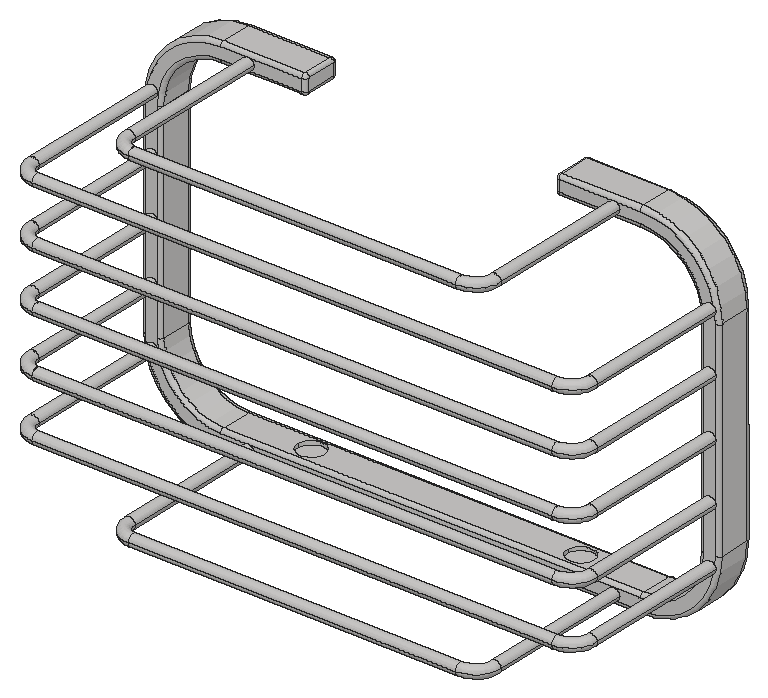
Revit family "PRD_FrankeWS_SpDshs_ACCESSOIRESSquareBasket_MISX0009HP", category Specialty Equipment, host Face, Revit 2018
Family settings
  Host = Face
  Round Connector Dimension = Use Diameter
  Part Type = Normal
  OmniClass Number = 23.40.20.21.34
  OmniClass Title = Soap Holders, Dispensers
  Cut with Voids When Loaded = No
  Shared = No
  Room Calculation Point = No
Parameters (values of type "MISX0009HP")
  WarrantyStartDate [instance] = "1900-12-31T23:59:59"
  WarrantyGuarantorParts = "n/a"
  WarrantyGuarantorLabor = "n/a"
  WarrantyDurationUnit = "year"
  WarrantyDurationParts = "n/a"
  WarrantyDurationLabor = "n/a"
  WarrantyDescription = "n/a"
  Version = "1"
  Uniclass2015Version = "Products v1.17"
  Uniclass2015Title = "Soap dishes"
  Uniclass2015Code = "Pr_40_20_76_82"
  URL = "www.kwc.com"
  TypeOfMounting = "Wall mounting"
  TypeOfFixing = "Screw"
  TagNumber [instance] = "n/a"
  SustainabilityPerformance = "n/a"
  Style = "Basket"
  Size = "150 x 50 x 95 mm"
  Shape = "n/a"
  SerialNumber [instance] = "n/a"
  Revision = "n/a"
  ReplacementCost = "n/a"
  ProductInformation = "https://pim.kwc.com/product/2000106381/attachment/datasheet?locale=en"
  NominalWidth = 150.00 mm
  NominalHeight = 50.00 mm
  NominalDepth = 95.00 mm
  NetWeight = 0.23 kg
  Name = "Square basket MISX0009HP"
  NBSTypeID = "n/a"
  NBSReference = "45-35-72/356"
  NBSOfficeMasterTag = "n/a"
  NBSNote = "n/a"
  NBSDescription = "Soap dishes"
  NBSCertification = "n/a"
  ModelReference = "MISX0009HP"
  ModelNumber = "2000106381"
  Model = ModelReference  # "MISX0009HP"
  MaterialCode = "1.4301"
  Material = "stainless steel"
  ManufacturerURL = "www.kwc.com"
  ManufacturerName = "KWC Group AG"  # constant formula
  Manufacturer = ManufacturerName  # "KWC Group AG"
  MainColor = "stainless steel"
  IsBuiltIn = "TRUE"
  IntegralAccessories = "incl. stainless steel screws and dowels"
  InstallationDate [instance] = "1900-12-31T23:59:59"
  IfcExportType = "USERDEFINED"
  IfcExportAs = "IfcFurnitureType"
  GrossWeight = 0.34 kg
  Grade = "n/a"
  Finish = "high polished"
  Features = "stainless steel, surface high polished"
  ExpectedLife = "n/a"
  DurationUnit = "year"
  Description = "Square basket for wall mounting, 304 stainless steel, used for shower or bath, inclusive stainless steel screws and dowels."
  Default Elevation = 1200.00 mm
  CreateOn = "05/2020"  # constant formula
  Constituents = "n/a"
  Color = "n/a"
  CodePerformance = "n/a"
  Category = "Pr_40_20_76_82, Soap dishes"
  BasketMaterial = PRD_AR_StainlessSteel_HighPolished
  BarCode [instance] = "n/a"
  BIMObjectName = "PRD_AR_SoapDishes_ACCESSOIRESSquareBasket_MISX0009HP"
  Author = "Archispace"  # constant formula
  AssetType = "Fixed"
  AssetIdentifier [instance] = "n/a"
  AccessibilityPerformance = "n/a"
Reference planes
  plane 1 "Center (Front/Back)": y = 0
  plane 2: z = 0
  plane 3 "Center (Left/Right)": x = 0
  plane 4: y = -50
  plane 5: x = -75
  plane 6: x = 75
Forms (mm)
  Sweep 1, solid, material "PRD_AR_StainlessSteel_HighPolished" <- "BasketMaterial", detail levels fine
    path origin (0, 0, 0) x (1, 0, 0) y (0, 0, 1)
      loop
        line (-32.5, 92.5) -> (-54.5, 92.5)
        arc (-54.5, 92.5) -> (-67.228, 87.228) -> (-72.5, 74.5) r 18
        line (-72.5, 74.5) -> (-72.5, 20.5)
        arc (-72.5, 20.5) -> (-67.228, 7.772) -> (-54.5, 2.5) r 18
        line (-54.5, 2.5) -> (54.5, 2.5)
        arc (54.5, 2.5) -> (67.228, 7.772) -> (72.5, 20.5) r 18
        line (72.5, 20.5) -> (72.5, 74.5)
        arc (72.5, 74.5) -> (67.228, 87.228) -> (54.5, 92.5) r 18
        line (54.5, 92.5) -> (32.5, 92.5)
    profile origin (72.5, 0, 47.5) x (-1, 0, 0) y (0, -1, 0)
      loop
        arc (1.5, -5) -> (2.207, -4.707) -> (2.5, -4) r 1
        line (2.5, -4) -> (2.5, 4)
        arc (2.5, 4) -> (2.207, 4.707) -> (1.5, 5) r 1
        line (1.5, 5) -> (-1.5, 5)
        arc (-1.5, 5) -> (-2.207, 4.707) -> (-2.5, 4) r 1
        line (-2.5, 4) -> (-2.5, -4)
        arc (-2.5, -4) -> (-2.207, -4.707) -> (-1.5, -5) r 1
        line (-1.5, -5) -> (1.5, -5)
  Sweep 2, void
    path in 3D
      loop
        arc (-32.5, 5, 91) -> (-32.5, 4.707, 90.293) -> (-32.5, 4, 90) r 1
        line (-32.5, 4, 90) -> (-32.5, -4, 90)
        arc (-32.5, -4, 90) -> (-32.5, -4.707, 90.293) -> (-32.5, -5, 91) r 1
        line (-32.5, -5, 91) -> (-32.5, -5, 94)
        arc (-32.5, -5, 94) -> (-32.5, -4.707, 94.707) -> (-32.5, -4, 95) r 1
        line (-32.5, -4, 95) -> (-32.5, 4, 95)
        arc (-32.5, 4, 95) -> (-32.5, 4.707, 94.707) -> (-32.5, 5, 94) r 1
        line (-32.5, 5, 94) -> (-32.5, 5, 91)
    profile origin (-32.5, 5, 92.5) x (1, 0, 0) y (0, 1, 0)
      loop
        line (0, 0) -> (-0.9, 0)
        arc (-0.9, 0) -> (-0.264, -0.264) -> (0, -0.9) r 0.9
        line (0, -0.9) -> (0, 0)
  Sweep 3, solid, material "PRD_AR_StainlessSteel_HighPolished" <- "BasketMaterial", detail levels fine
    path origin (0, 0, 0) x (1, 0, 0) y (0, 1, 0)
      loop
        line (72.5, -5) -> (72.5, -43.5)
        arc (72.5, -43.5) -> (71.036, -47.036) -> (67.5, -48.5) r 5
        line (67.5, -48.5) -> (-67.5, -48.5)
        arc (-67.5, -48.5) -> (-71.036, -47.036) -> (-72.5, -43.5) r 5
        line (-72.5, -43.5) -> (-72.5, -5)
    profile origin (-72.5, -24.25, 0) x (-1, 0, 0) y (0, 0, 1)
      loop
        circle (0, 17.5) r 1.5
      loop
        circle (0, 32.5) r 1.5
      loop
        circle (0, 47.5) r 1.5
      loop
        circle (0, 62.5) r 1.5
      loop
        circle (0, 77.5) r 1.5
  Sweep 4, solid, material "PRD_AR_StainlessSteel_HighPolished" <- "BasketMaterial", detail levels fine
    path origin (0, 0, 0) x (1, 0, 0) y (0, 1, 0)
      loop
        line (47.5, -5) -> (47.5, -43.5)
        arc (47.5, -43.5) -> (46.036, -47.036) -> (42.5, -48.5) r 5
        line (42.5, -48.5) -> (-42.5, -48.5)
        arc (-42.5, -48.5) -> (-46.036, -47.036) -> (-47.5, -43.5) r 5
        line (-47.5, -43.5) -> (-47.5, -5)
    profile origin (-47.5, -24.25, 0) x (-1, 0, 0) y (0, 0, 1)
      loop
        circle (0, 2.5) r 1.5
  Sweep 5, solid, material "PRD_AR_StainlessSteel_HighPolished" <- "BasketMaterial", detail levels fine
    path origin (0, 0, 95) x (0, -1, 0) y (1, 0, 0)
      loop
        line (5, 47.5) -> (43.5, 47.5)
        arc (43.5, 47.5) -> (47.036, 46.036) -> (48.5, 42.5) r 5
        line (48.5, 42.5) -> (48.5, -42.5)
        arc (48.5, -42.5) -> (47.036, -46.036) -> (43.5, -47.5) r 5
        line (43.5, -47.5) -> (5, -47.5)
    profile origin (-47.5, -24.25, 95) x (-1, 0, 0) y (0, 0, 1)
      loop
        circle (0, -2.5) r 1.5
  Sweep 6, void
    path in 3D
      loop
        arc (32.5, 5, 91) -> (32.5, 4.707, 90.293) -> (32.5, 4, 90) r 1
        line (32.5, 4, 90) -> (32.5, -4, 90)
        arc (32.5, -4, 90) -> (32.5, -4.707, 90.293) -> (32.5, -5, 91) r 1
        line (32.5, -5, 91) -> (32.5, -5, 94)
        arc (32.5, -5, 94) -> (32.5, -4.707, 94.707) -> (32.5, -4, 95) r 1
        line (32.5, -4, 95) -> (32.5, 4, 95)
        arc (32.5, 4, 95) -> (32.5, 4.707, 94.707) -> (32.5, 5, 94) r 1
        line (32.5, 5, 94) -> (32.5, 5, 91)
    profile origin (32.5, 5, 92.5) x (-1, 0, 0) y (0, -1, 0)
      loop
        line (0, 0) -> (0, 0.9)
        arc (0, 0.9) -> (-0.264, 0.264) -> (-0.9, 0) r 0.9
        line (-0.9, 0) -> (0, 0)
  Extrusion 7, void
    sketch origin (0, 0, 0) x (1, 0, 0) y (0, 1, 0)
      loop
        circle (-35, 0) r 3.5
      loop
        circle (35, 0) r 3.5
    from 4.2 to 5
  Sweep 8, solid, material "PRD_AR_StainlessSteel_HighPolished" <- "BasketMaterial", detail levels medium
    path origin (0, 0, 0) x (1, 0, 0) y (0, 0, 1)
      loop
        line (-32.5, 92.5) -> (-54.5, 92.5)
        arc (-54.5, 92.5) -> (-67.228, 87.228) -> (-72.5, 74.5) r 18
        line (-72.5, 74.5) -> (-72.5, 20.5)
        arc (-72.5, 20.5) -> (-67.228, 7.772) -> (-54.5, 2.5) r 18
        line (-54.5, 2.5) -> (54.5, 2.5)
        arc (54.5, 2.5) -> (67.228, 7.772) -> (72.5, 20.5) r 18
        line (72.5, 20.5) -> (72.5, 74.5)
        arc (72.5, 74.5) -> (67.228, 87.228) -> (54.5, 92.5) r 18
        line (54.5, 92.5) -> (32.5, 92.5)
    profile origin (72.5, 0, 47.5) x (-1, 0, 0) y (0, -1, 0)
      loop
        line (2.5, -5) -> (2.5, 5) -> (-2.5, 5) -> (-2.5, -5) -> (2.5, -5)
  Sweep 9, solid, material "PRD_AR_StainlessSteel_HighPolished" <- "BasketMaterial", detail levels medium
    path origin (0, 0, 0) x (1, 0, 0) y (0, 0, 1)
      loop
        line (-32.5, 92.5) -> (-54.5, 92.5)
        arc (-54.5, 92.5) -> (-67.228, 87.228) -> (-72.5, 74.5) r 18
        line (-72.5, 74.5) -> (-72.5, 20.5)
        arc (-72.5, 20.5) -> (-67.228, 7.772) -> (-54.5, 2.5) r 18
        line (-54.5, 2.5) -> (54.5, 2.5)
        arc (54.5, 2.5) -> (67.228, 7.772) -> (72.5, 20.5) r 18
        line (72.5, 20.5) -> (72.5, 74.5)
        arc (72.5, 74.5) -> (67.228, 87.228) -> (54.5, 92.5) r 18
        line (54.5, 92.5) -> (32.5, 92.5)
    profile origin (72.5, 0, 47.5) x (-1, 0, 0) y (0, -1, 0)
      loop
        line (1.5, 5) -> (1.5, 43.5)
        arc (1.5, 43.5) -> (2.525, 45.975) -> (5, 47) r 3.5
        line (5, 47) -> (5, 50)
        arc (5, 50) -> (0.404, 48.096) -> (-1.5, 43.5) r 6.5
        line (-1.5, 43.5) -> (-1.5, 5) -> (1.5, 5)
  Extrusion 10, solid, material "PRD_AR_StainlessSteel_HighPolished" <- "BasketMaterial", detail levels medium
    sketch origin (0, 0, 0) x (1, 0, 0) y (0, 0, 1)
      loop
        arc (-54.5, 87.5) -> (-63.692, 83.692) -> (-67.5, 74.5) r 13
        line (-67.5, 74.5) -> (-67.5, 20.5)
        arc (-67.5, 20.5) -> (-63.692, 11.308) -> (-54.5, 7.5) r 13
        line (-54.5, 7.5) -> (54.5, 7.5)
        arc (54.5, 7.5) -> (63.692, 11.308) -> (67.5, 20.5) r 13
        line (67.5, 20.5) -> (67.5, 74.5)
        arc (67.5, 74.5) -> (63.692, 83.692) -> (54.5, 87.5) r 13
        line (54.5, 87.5) -> (-54.5, 87.5)
    from 47 to 50
  Extrusion 11, solid, material "PRD_AR_StainlessSteel_HighPolished" <- "BasketMaterial", detail levels coarse
    sketch origin (0, 0, 0) x (1, 0, 0) y (0, 1, 0)
      loop
        line (-75, 5) -> (-75, -50) -> (75, -50) -> (75, 5) -> (-75, 5)
    from 0 to 95
Cuts and joins
  Sweep 2, Sweep 6, Extrusion 7 cuts Sweep 1
  joined: Sweep 9, Extrusion 10
Lines and regions (mm)
  sketch lines
    curve 1: line (-32.5, 5, 94) -> (-32.5, 5, 91)
    curve 2: arc (-32.5, 4, 90) -> (-32.5, 4.707, 90.293) -> (-32.5, 5, 91) r 1
    curve 3: line (-32.5, 4, 90) -> (-32.5, -4, 90)
    curve 4: arc (-32.5, -5, 91) -> (-32.5, -4.707, 90.293) -> (-32.5, -4, 90) r 1
    curve 5: line (-32.5, -5, 91) -> (-32.5, -5, 94)
    curve 6: arc (-32.5, -4, 95) -> (-32.5, -4.707, 94.707) -> (-32.5, -5, 94) r 1
    curve 7: line (-32.5, -4, 95) -> (-32.5, 4, 95)
    curve 8: arc (-32.5, 5, 94) -> (-32.5, 4.707, 94.707) -> (-32.5, 4, 95) r 1
    curve 9: line (32.5, 5, 94) -> (32.5, 5, 91)
    curve 10: arc (32.5, 4, 90) -> (32.5, 4.707, 90.293) -> (32.5, 5, 91) r 1
    curve 11: line (32.5, 4, 90) -> (32.5, -4, 90)
    curve 12: arc (32.5, -5, 91) -> (32.5, -4.707, 90.293) -> (32.5, -4, 90) r 1
    curve 13: line (32.5, -5, 91) -> (32.5, -5, 94)
    curve 14: arc (32.5, -4, 95) -> (32.5, -4.707, 94.707) -> (32.5, -5, 94) r 1
    curve 15: line (32.5, -4, 95) -> (32.5, 4, 95)
    curve 16: arc (32.5, 5, 94) -> (32.5, 4.707, 94.707) -> (32.5, 4, 95) r 1
Dimensions and locks
  plane 4 to plane 1 "Center (Front/Back)" = 50.00 mm
  plane 5 to plane 3 "Center (Left/Right)" = 75.00 mm
  plane 3 "Center (Left/Right)" to plane 6 = 75.00 mm
  aligned and locked: plane 2 to host face
  aligned and locked: level to host face
